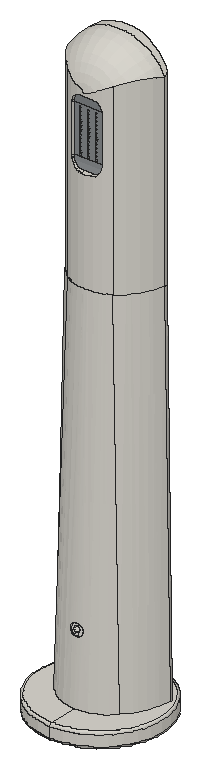
Revit family "Faucet-Deck_Mount-Bath_Spout-KALLISTA-002-P34129", category Plumbing Fixtures, host Face, Revit 2021
Family settings
  Host = Face
  Round Connector Dimension = Use Diameter
  Part Type = Normal
  OmniClass Number = 23.31.11.00
  OmniClass Title = Faucets
  Cut with Voids When Loaded = No
  Shared = No
  Room Calculation Point = No
Parameters (values of type "SN-Polished Nickel")
  Width = 2 73/256"  # constant formula
  WaterSense Certified = 1 = 0  # no
  Waste Water Outlet = "Waste Water Outlet"  # constant formula
  Waste Connection = 1 = 0  # no
  Vent Connection = 1 = 0  # no
  URL = "https://www.kallista.com/"
  Type = 5
  Tempered Water Inlet = "Tempered Water Inlet"  # constant formula
  Spout Reach = 9 33/128"  # constant formula
  Product Page URL = "https://www.kallista.com/products/luxury-bathroom/faucets/bath-fillers/002-wall-mount-bath-spout-p34129-00/sn-polished-nickel"
  Product Name = "002"  # constant formula
  Product Documentation Link = "https://resources.kohler.com/interiors/kallista/pdf/P34129-00_spec_US-CA_Kallista_en.pdf"
  Pressure = 60.00 psi  # constant formula
  Model = if(Type = 1, "P34129-00-BAF", if(Type = 2, "P34129-00-BL", if(Type = 3, "P34129-00-BN", if(Type = 4, "P34129-00-CP", if(Type = 5, "P34129-00-SN", if(Type = 6, "P34129-00-2MB", "NA"))))))  # "P34129-00-SN"
  Material = "Premium Metal Construction"  # constant formula
  Master Format 2014 Name = "Residential Faucets, Supplies, and Trim"  # constant formula
  Master Format 2014 = "22 41 39"  # constant formula
  Manufacturer Address = "444 Highland Dr, Kohler, WI 53044"  # constant formula
  Manufacturer = "Kohler Co."  # constant formula
  Length = Spout Reach  # 9 33/128"
  Hot Water Inlet = "Hot Water Inlet"  # constant formula
  Height = 2 73/256"  # constant formula
  HW Connection = 1 = 1  # yes
  Flow Rate = 7 GPM  # constant formula
  Finish = Kallista-Metal-SN-Polished_Nickel
  Environmental Product Declaration = ""
  Drain Included = 1 = 0  # no
  Description = "Capsule Wall Mount Bath Spout"  # constant formula
  Default Elevation = 36"
  Declare Label = ""
  Date Modified = "12/31/2024"  # constant formula
  Date Created = "11/30/2023"  # constant formula
  Copyright = "Copyright Kohler Co."  # constant formula
  Contact Us = "https://www.kallista.com/corporate/contact-us/"
  Cold Water Inlet = "Cold Water Inlet"  # constant formula
  CW Connection = 1 = 0  # no
  Assembly Code = "D2010"
  ADA Compliant = 1 = 0  # no
Types (7): name | Type | Product Page URL | Model | Finish
  (no name) | 5 | "https://www.kallista.com/products/luxury-bathroom/faucets/bath-fillers/002-wall-mount-bath-spout-p34129-00/sn-polished-nickel" | "P34129-00-SN" | Kallista-Metal-SN-Polished_Nickel
  BAF-Brushed French Gold | 1 | "https://www.kallista.com/products/luxury-bathroom/faucets/bath-fillers/002-wall-mount-bath-spout-p34129-00/baf-brushed-french-gold" | "P34129-00-BAF" | Kallista-Metal-BAF-Brushed_French_Gold
  BN-Brushed Nickel | 3 | "https://www.kallista.com/products/luxury-bathroom/faucets/bath-fillers/002-wall-mount-bath-spout-p34129-00" | "P34129-00-BN" | Kallista-Metal-BN-Brushed_Nickel
  CP-Chrome | 1 | "https://www.kallista.com/products/luxury-bathroom/faucets/bath-fillers/002-wall-mount-bath-spout-p34129-00/cp-chrome" | "P34129-00-BAF" | Kallista-Metal-CP-Chrome
  SN-Polished Nickel | 5 | "https://www.kallista.com/products/luxury-bathroom/faucets/bath-fillers/002-wall-mount-bath-spout-p34129-00/sn-polished-nickel" | "P34129-00-SN" | Kallista-Metal-SN-Polished_Nickel
  BL-Matte Black | 2 | "https://www.kallista.com/products/luxury-bathroom/faucets/bath-fillers/002-wall-mount-bath-spout-p34129-00/bl-matte-black" | "P34129-00-BL" | Kalista-Metal-BL-Matte_Black
  2MB-Brushed Brass | 6 | "" | "P34129-00-2MB" | Kallista-Metal-2MB-Brushed_Brass
Reference planes (in)
  plane 1 "Center (Front/Back)": y = 0
  plane 2: z = 0
  plane 3 "Center (Left/Right)": x = 0
  plane 4: y = 1.14173
  plane 5: y = -1.14342
  plane 6: x = -1.14173
  plane 7: x = 1.14342
  plane 8: z = 10.95276
  plane 9: z = 0.27559
  plane 10: z = 9.25781
Dimensions and locks (in)
  "Width": plane 6 to plane 7
  "Height": plane 4 to plane 5
  "Length": plane 10 to level
  aligned and locked: plane 2 to host face
  aligned and locked: level to host face
  aligned and locked: plane 6 to nested 1
  aligned and locked: plane 7 to nested 1
  aligned and locked: plane 4 to nested 1
  aligned and locked: plane 5 to nested 1
  aligned and locked: plane 8 to nested 1
  aligned and locked: plane 10 to nested 1
Automatic sketch dimensions
  host sketch curve to host sketch curve = 96"  (x2)
Nested families (in)
  nested 1: "P34129" at (0, 0, 0), type "P34129"
Connectors (in)
  piping at (0, 0, 0), diameter 0.5, driven by "Flow Rate", driven by "Pressure", driven by "HW Connection", driven by "Tempered Water Inlet"
    settings: on nested 1, index 1, connector inside diameter 24", connector length 0", flow factor 0, pipe flow 7 GPM, pressure drop 60.00 psi, fitting loss kfactor 0, connector angle 0.00°, fixture units 0, engagement length 0", angle of deflection 0.00°, flow configuration 1, flow direction 1, fitting loss method 4, system type 19, joint type 0, gender type 0, connector reference index -1, connector utility 1, adjustable connector no, is connector primary yes, connector description "Tempered Water Inlet"
Definition of nested family "P34129"
  Parameters
    Material = none
    Default Elevation = 0"
  Reference planes (in)
    plane 1 "Center (Front/Back)": y = 0
    plane 2: z = 0
    plane 3 "Center (Left/Right)": x = 0
    plane 4: x = -1.14173
    plane 5: x = 1.14173
    plane 6: y = 1.14173
    plane 7: y = -1.14343
    plane 8: z = 10.95276
    plane 9: z = 0.27559
    plane 10: z = 9.25591
    plane 11: y = -0.29528
    plane 12: x = -0.58602
    plane 13: x = 0.58602
  Forms (in)
    Blend 1, solid, material <- "Material", detail levels medium+fine
      base sketch origin (0, 0, 0) x (1, 0, 0) y (0, 1, 0)
        loop
          arc (-0.6112, -0.30473) -> (-0.00003, -0.58759) -> (0.61113, -0.30473) r 0.80169
          arc (0.61113, -0.30473) -> (0.82852, 0.04895) -> (0.92946, 0.45164) r 1.36418
          arc (0.92946, 0.45164) -> (0.92072, 0.48388) -> (0.89299, 0.50249) r 0.04772
          arc (0.89299, 0.50249) -> (-0.00145, 0.60643) -> (-0.89542, 0.49843) r 3.82569
          arc (-0.89542, 0.49843) -> (-0.91838, 0.48301) -> (-0.92584, 0.45638) r 0.03998
          arc (-0.92584, 0.45638) -> (-0.82835, 0.05109) -> (-0.6112, -0.30473) r 1.34205
      top sketch origin (0, 0, 0) x (1, 0, 0) y (0, 1, 0)
        loop
          arc (-0.40985, -0.22055) -> (0, -0.3478) -> (0.40985, -0.22055) r 0.72369
          arc (0.40985, -0.22055) -> (0.68618, 0.0677) -> (0.82509, 0.44207) r 0.98326
          arc (0.82509, 0.44207) -> (0.81176, 0.49905) -> (0.7628, 0.53109) r 0.07874
          arc (0.7628, 0.53109) -> (0.00233, 0.60644) -> (-0.75793, 0.52914) r 3.82569
          arc (-0.75793, 0.52914) -> (-0.80655, 0.49735) -> (-0.82014, 0.44087) r 0.07874
          arc (-0.82014, 0.44087) -> (-0.68436, 0.06713) -> (-0.40985, -0.22055) r 0.96846
      from 0 to 7.03287
    Sweep 2, solid, material <- "Material", detail levels medium+fine
      path origin (0, 0, 0) x (0, 1, 0) y (0, 0, 1)
        loop
          line (0.60644, 7.03287) -> (0.60644, 11.05351)
      profile origin (0, 0.60644, 9.04319) x (0, -1, 0) y (1, 0, 0)
        loop
          arc (0.16557, -0.82014) -> (0.53931, -0.68436) -> (0.827, -0.40985) r 0.96846
          arc (0.827, -0.40985) -> (0.95424, 0) -> (0.827, 0.40985) r 0.72369
          arc (0.827, 0.40985) -> (0.53874, 0.68618) -> (0.16437, 0.82509) r 0.98326
          arc (0.16437, 0.82509) -> (0.1074, 0.81176) -> (0.07535, 0.7628) r 0.07874
          arc (0.07535, 0.7628) -> (0, 0.00233) -> (0.0773, -0.75793) r 3.82569
          arc (0.0773, -0.75793) -> (0.10909, -0.80655) -> (0.16557, -0.82014) r 0.07874
    Sweep 3, void
      path origin (0, 0, -0.14764) x (1, 0, 0) y (0, 0, 1)
        loop
          line (-0.82751, 9.71931) -> (-0.82751, 10.17692)
          arc (-0.82751, 10.17692) -> (-0.00124, 11.0032) -> (0.82504, 10.17692) r 0.82628
          line (0.82504, 10.17692) -> (0.82504, 9.71931)
      profile origin (0.82504, 0, 9.80048) x (0, -1, 0) y (1, 0, 0)
        loop
          line (-0.66492, 0.54627) -> (-0.66492, 0.10335) -> (-0.43764, 0.10335)
          arc (-0.43764, 0.10335) -> (0.11914, -0.12727) -> (0.34976, -0.68405) r 0.7874
          line (0.34976, -0.68405) -> (0.34976, -0.71709) -> (0.65945, -0.71709) -> (0.65945, 0.54627) -> (-0.66492, 0.54627)
    Revolve 4, solid, material <- "Material", detail levels medium+fine
      sketch origin (0, 0, 0) x (0, 1, 0) y (0, 0, 1)
        loop
          line (0, 0) -> (1.10444, 0)
          arc (1.10444, 0) -> (1.13081, 0.01092) -> (1.14173, 0.03729) r 0.03729
          line (1.14173, 0.03729) -> (1.14173, 0.23463)
          arc (1.14173, 0.23463) -> (1.12974, 0.26359) -> (1.10077, 0.27559) r 0.04096
          line (1.10077, 0.27559) -> (0, 0.27559) -> (0, 0)
        axis (0, 0) -> (0, 0.27559)
      angle from 0 to 360
    Revolve 5, void
      sketch origin (0, 0, 0) x (0, 1, 0) y (0, 0, 1)
        loop
          line (-0.25396, 1.54626) -> (-0.25396, 1.66154) -> (-0.62222, 1.66154) -> (-0.62222, 1.54626) -> (-0.25396, 1.54626)
        axis (-0.25396, 1.54626) -> (-0.62222, 1.54626)
      angle from 0 to 360
    Revolve 6, solid, detail levels medium+fine
      sketch origin (0, 0, 0) x (0, 1, 0) y (0, 0, 1)
        loop
          line (-0.26709, 1.65545) -> (-0.52116, 1.65545) -> (-0.52116, 1.54849) -> (-0.26709, 1.54849) -> (-0.26709, 1.65545)
        axis (-0.26709, 1.54849) -> (-0.52116, 1.54849)
      angle from 0 to 360
    Extrusion 7, void
      sketch origin (0, -0.08176, -0.02695) x (1, 0, 0) y (0, 0.052336, 0.99863)
        loop
          line (-0.03439, 1.60625) -> (-0.06825, 1.5476) -> (-0.03439, 1.48896) -> (0.03332, 1.48896) -> (0.06718, 1.5476) -> (0.03332, 1.60625) -> (-0.03439, 1.60625)
      from 0.30046 to 0.6929
    Extrusion 8, void
      sketch origin (0, 0, 2.34945) x (1, 0, 0) y (0, 0, 1)
        loop
          line (-0.28038, 7.62721) -> (-0.28038, 6.75476)
          arc (-0.28038, 6.75476) -> (-0.22281, 6.6158) -> (-0.08385, 6.55823) r 0.19653
          line (-0.08385, 6.55823) -> (0.08127, 6.55823)
          arc (0.08127, 6.55823) -> (0.21911, 6.61533) -> (0.27621, 6.75317) r 0.19494
          line (0.27621, 6.75317) -> (0.27621, 7.63256)
          arc (0.27621, 7.63256) -> (0.21957, 7.76931) -> (0.08283, 7.82595) r 0.19338
          line (0.08283, 7.82595) -> (-0.08163, 7.82595)
          arc (-0.08163, 7.82595) -> (-0.22217, 7.76774) -> (-0.28038, 7.62721) r 0.19874
      from 0 to 0.70867
    Extrusion 9, solid, detail levels medium+fine
      sketch origin (0, 0, 2.35472) x (1, 0, 0) y (0, 0, 1)
        loop
          arc (-0.11579, 7.78984) -> (-0.22335, 7.74528) -> (-0.2679, 7.63772) r 0.15211
          line (-0.2679, 7.63772) -> (-0.2679, 6.73599)
          arc (-0.2679, 6.73599) -> (-0.22295, 6.62746) -> (-0.11442, 6.5825) r 0.15348
          line (-0.11442, 6.5825) -> (0.11442, 6.5825)
          arc (0.11442, 6.5825) -> (0.22295, 6.62746) -> (0.2679, 6.73599) r 0.15348
          line (0.2679, 6.73599) -> (0.2679, 7.63772)
          arc (0.2679, 7.63772) -> (0.22335, 7.74528) -> (0.11579, 7.78984) r 0.15211
          line (0.11579, 7.78984) -> (-0.11579, 7.78984)
      from 0 to 0.52116
    Extrusion 10, void
      sketch origin (0, 0, 2.35472) x (0, 1, 0) y (0, 0, 1)
        loop
          line (-0.25014, 6.75744) -> (-0.25014, 7.6149)
          arc (-0.25014, 7.6149) -> (-0.34945, 7.90421) -> (-0.60549, 8.07155) r 0.47109
          line (-0.60549, 8.07155) -> (-0.60549, 6.30079)
          arc (-0.60549, 6.30079) -> (-0.34945, 6.46813) -> (-0.25014, 6.75744) r 0.47109
      from -1.04991 to 1.33856
    Extrusion 11, void
      sketch origin (0.0123, 5.27483, 14.87442) x (1, 0, 0) y (0, 0, 1)
        loop
          line (-0.18118, -4.95414) -> (-0.18118, -5.00169) -> (-0.14232, -5.00169) -> (-0.14232, -4.95414) -> (-0.18118, -4.95414)
        loop
          line (-0.18118, -5.01713) -> (-0.18118, -5.06468) -> (-0.14232, -5.06468) -> (-0.14232, -5.01713) -> (-0.18118, -5.01713)
        loop
          line (-0.18118, -5.08051) -> (-0.18118, -5.12807) -> (-0.14232, -5.12807) -> (-0.14232, -5.08051) -> (-0.18118, -5.08051)
        loop
          line (-0.18118, -5.1439) -> (-0.18118, -5.19146) -> (-0.14232, -5.19146) -> (-0.14232, -5.1439) -> (-0.18118, -5.1439)
        loop
          line (-0.18118, -5.20729) -> (-0.18118, -5.25484) -> (-0.14232, -5.25484) -> (-0.14232, -5.20729) -> (-0.18118, -5.20729)
        loop
          line (-0.18118, -5.27067) -> (-0.18118, -5.31823) -> (-0.14232, -5.31823) -> (-0.14232, -5.27067) -> (-0.18118, -5.27067)
        loop
          line (-0.18118, -5.33406) -> (-0.18118, -5.38161) -> (-0.14232, -5.38161) -> (-0.14232, -5.33406) -> (-0.18118, -5.33406)
        loop
          line (-0.18118, -5.39744) -> (-0.18118, -5.445) -> (-0.14232, -5.445) -> (-0.14232, -5.39744) -> (-0.18118, -5.39744)
        loop
          line (-0.18118, -5.46083) -> (-0.18118, -5.50839) -> (-0.14232, -5.50839) -> (-0.14232, -5.46083) -> (-0.18118, -5.46083)
        loop
          line (-0.18118, -5.52421) -> (-0.18118, -5.57177) -> (-0.14232, -5.57177) -> (-0.14232, -5.52421) -> (-0.18118, -5.52421)
        loop
          line (-0.18118, -5.5876) -> (-0.18118, -5.63516) -> (-0.14232, -5.63516) -> (-0.14232, -5.5876) -> (-0.18118, -5.5876)
        loop
          line (-0.18118, -5.65099) -> (-0.18118, -5.69854) -> (-0.14232, -5.69854) -> (-0.14232, -5.65099) -> (-0.18118, -5.65099)
        loop
          line (-0.18118, -5.71437) -> (-0.18118, -5.76193) -> (-0.14232, -5.76193) -> (-0.14232, -5.71437) -> (-0.18118, -5.71437)
        loop
          line (0.00443, -4.95414) -> (-0.03443, -4.95414) -> (-0.03443, -5.00169) -> (0.00443, -5.00169) -> (0.00443, -4.95414)
        loop
          line (0.00443, -5.01713) -> (-0.03443, -5.01713) -> (-0.03443, -5.06468) -> (0.00443, -5.06468) -> (0.00443, -5.01713)
        loop
          line (0.00443, -5.08051) -> (-0.03443, -5.08051) -> (-0.03443, -5.12807) -> (0.00443, -5.12807) -> (0.00443, -5.08051)
        loop
          line (0.00443, -5.1439) -> (-0.03443, -5.1439) -> (-0.03443, -5.19146) -> (0.00443, -5.19146) -> (0.00443, -5.1439)
        loop
          line (0.00443, -5.20729) -> (-0.03443, -5.20729) -> (-0.03443, -5.25484) -> (0.00443, -5.25484) -> (0.00443, -5.20729)
        loop
          line (0.00443, -5.27067) -> (-0.03443, -5.27067) -> (-0.03443, -5.31823) -> (0.00443, -5.31823) -> (0.00443, -5.27067)
        loop
          line (0.00443, -5.33406) -> (-0.03443, -5.33406) -> (-0.03443, -5.38161) -> (0.00443, -5.38161) -> (0.00443, -5.33406)
        loop
          line (0.00443, -5.39744) -> (-0.03443, -5.39744) -> (-0.03443, -5.445) -> (0.00443, -5.445) -> (0.00443, -5.39744)
        loop
          line (0.00443, -5.46083) -> (-0.03443, -5.46083) -> (-0.03443, -5.50839) -> (0.00443, -5.50839) -> (0.00443, -5.46083)
        loop
          line (0.00443, -5.52421) -> (-0.03443, -5.52421) -> (-0.03443, -5.57177) -> (0.00443, -5.57177) -> (0.00443, -5.52421)
        loop
          line (0.00443, -5.5876) -> (-0.03443, -5.5876) -> (-0.03443, -5.63516) -> (0.00443, -5.63516) -> (0.00443, -5.5876)
        loop
          line (0.00443, -5.65099) -> (-0.03443, -5.65099) -> (-0.03443, -5.69854) -> (0.00443, -5.69854) -> (0.00443, -5.65099)
        loop
          line (0.00443, -5.71437) -> (-0.03443, -5.71437) -> (-0.03443, -5.76193) -> (0.00443, -5.76193) -> (0.00443, -5.71437)
        loop
          line (0.10062, -4.95414) -> (0.10062, -5.00169) -> (0.13947, -5.00169) -> (0.13947, -4.95414) -> (0.10062, -4.95414)
        loop
          line (0.10062, -5.01713) -> (0.10062, -5.06468) -> (0.13947, -5.06468) -> (0.13947, -5.01713) -> (0.10062, -5.01713)
        loop
          line (0.10062, -5.08051) -> (0.10062, -5.12807) -> (0.13947, -5.12807) -> (0.13947, -5.08051) -> (0.10062, -5.08051)
        loop
          line (0.10062, -5.1439) -> (0.10062, -5.19146) -> (0.13947, -5.19146) -> (0.13947, -5.1439) -> (0.10062, -5.1439)
        loop
          line (0.10062, -5.20729) -> (0.10062, -5.25484) -> (0.13947, -5.25484) -> (0.13947, -5.20729) -> (0.10062, -5.20729)
        loop
          line (0.10062, -5.27067) -> (0.10062, -5.31823) -> (0.13947, -5.31823) -> (0.13947, -5.27067) -> (0.10062, -5.27067)
        loop
          line (0.10062, -5.33406) -> (0.10062, -5.38161) -> (0.13947, -5.38161) -> (0.13947, -5.33406) -> (0.10062, -5.33406)
        loop
          line (0.10062, -5.39744) -> (0.10062, -5.445) -> (0.13947, -5.445) -> (0.13947, -5.39744) -> (0.10062, -5.39744)
        loop
          line (0.10062, -5.46083) -> (0.10062, -5.50839) -> (0.13947, -5.50839) -> (0.13947, -5.46083) -> (0.10062, -5.46083)
        loop
          line (0.10062, -5.52421) -> (0.10062, -5.57177) -> (0.13947, -5.57177) -> (0.13947, -5.52421) -> (0.10062, -5.52421)
        loop
          line (0.10062, -5.5876) -> (0.10062, -5.63516) -> (0.13947, -5.63516) -> (0.13947, -5.5876) -> (0.10062, -5.5876)
        loop
          line (0.10062, -5.65099) -> (0.10062, -5.69854) -> (0.13947, -5.69854) -> (0.13947, -5.65099) -> (0.10062, -5.65099)
        loop
          line (0.10062, -5.71437) -> (0.10062, -5.76193) -> (0.13947, -5.76193) -> (0.13947, -5.71437) -> (0.10062, -5.71437)
      from 5.16363 to 7.18576
    Extrusion 12, solid, material <- "Material", detail levels coarse
      sketch origin (0, 0.04968, 0) x (1, 0, 0) y (0, 0, 1)
        loop
          line (0.82802, 0.27559) -> (0.82802, 10.21558)
          arc (0.82802, 10.21558) -> (0.01229, 11.03131) -> (-0.80344, 10.21558) r 0.81573
          line (-0.80344, 10.21558) -> (-0.80344, 0.27559) -> (0.82802, 0.27559)
      from -0.57981 to 0.63603
    Revolve 13, solid, material <- "Material", detail levels coarse
      sketch origin (0, 0, 0) x (0, 1, 0) y (0, 0, 1)
        loop
          line (0, 0) -> (1.14173, 0) -> (1.14173, 0.27559) -> (0, 0.27559) -> (0, 0)
        axis (0, 0) -> (0, 0.27559)
      angle from 0 to 360
    Extrusion 14, solid, material <- "Material", detail levels medium+fine
      sketch origin (0, 0, 0) x (1, 0, 0) y (0, 1, 0)
        loop
          circle (0, 0) r 0.11811
      from 0 to 0.08846
  Cuts and joins
    Revolve 5, Extrusion 7, Extrusion 8 cuts Blend 1
    joined: Blend 1, Revolve 4
    Extrusion 7 cuts Revolve 6
    Extrusion 10, Extrusion 11 cuts Extrusion 9
    joined: Extrusion 12, Revolve 13
    Sweep 3, Extrusion 8 cuts Sweep 2
  Lines and regions (in)
    Masking region 1
      outline origin (0, 0, 0) x (0, 1, 0) y (0, 0, 1)
        loop
          line (1.14173, 0.03913) -> (1.14173, 0.23686)
          arc (1.14173, 0.23686) -> (1.13039, 0.26425) -> (1.103, 0.27559) r 0.03873
          line (1.103, 0.27559) -> (0.55338, 0.27559)
          arc (0.55338, 0.27559) -> (0.58784, 0.28756) -> (0.60245, 0.32098) r 0.04553
          line (0.60245, 0.32098) -> (0.60245, 10.23268)
          arc (0.60245, 10.23268) -> (0.58548, 10.57736) -> (0.53474, 10.91871) r 3.50904
          arc (0.53474, 10.91871) -> (0.52007, 10.94316) -> (0.49323, 10.95276) r 0.04232
          line (0.49323, 10.95276) -> (0.46174, 10.95276) -> (0.36067, 10.95276)
          arc (0.36067, 10.95276) -> (-0.14605, 10.70206) -> (-0.35072, 10.17507) r 0.78078
          line (-0.35072, 10.17507) -> (-0.35072, 10.13945)
          arc (-0.35072, 10.13945) -> (-0.33657, 10.10214) -> (-0.31831, 10.06666) r 0.35462
          line (-0.31831, 10.06666) -> (-0.31831, 9.98523)
          arc (-0.31831, 9.98523) -> (-0.30107, 9.91555) -> (-0.29528, 9.84401) r 0.44433
          line (-0.29528, 9.84401) -> (-0.29528, 9.0854)
          arc (-0.29528, 9.0854) -> (-0.30107, 9.01386) -> (-0.31831, 8.94418) r 0.44433
          line (-0.31831, 8.94418) -> (-0.31831, 8.86275)
          arc (-0.31831, 8.86275) -> (-0.33657, 8.82727) -> (-0.35072, 8.78996) r 0.35462
          line (-0.35072, 8.78996) -> (-0.35072, 6.40173)
          arc (-0.35072, 6.40173) -> (-0.35204, 5.98956) -> (-0.35598, 5.57742) r 64.63598
          arc (-0.35598, 5.57742) -> (-0.35932, 5.34193) -> (-0.36334, 5.10646) r 82.20036
          arc (-0.36334, 5.10646) -> (-0.36753, 4.94167) -> (-0.374, 4.77696) r 11.87676
          arc (-0.374, 4.77696) -> (-0.38941, 4.42335) -> (-0.4029, 4.06965) r 65.43397
          arc (-0.4029, 4.06965) -> (-0.42004, 3.67424) -> (-0.44342, 3.27915) r 25.0582
          arc (-0.44342, 3.27915) -> (-0.45424, 3.09479) -> (-0.46194, 2.91027) r 10.95361
          arc (-0.46194, 2.91027) -> (-0.4676, 2.77571) -> (-0.47563, 2.64128) r 7.66624
          arc (-0.47563, 2.64128) -> (-0.49076, 2.39933) -> (-0.50301, 2.15722) r 20.31281
          arc (-0.50301, 2.15722) -> (-0.51546, 1.91687) -> (-0.53138, 1.67672) r 16.67974
          arc (-0.53138, 1.67672) -> (-0.52267, 1.54568) -> (-0.5462, 1.41647) r 0.53419
          line (-0.5462, 1.41647) -> (-0.60123, 0.31496)
          arc (-0.60123, 0.31496) -> (-0.59784, 0.29368) -> (-0.58614, 0.27559) r 0.05216
          line (-0.58614, 0.27559) -> (-1.10469, 0.27559)
          arc (-1.10469, 0.27559) -> (-1.13208, 0.26425) -> (-1.14343, 0.23686) r 0.03873
          line (-1.14343, 0.23686) -> (-1.14343, 0.03913)
          arc (-1.14343, 0.03913) -> (-1.13197, 0.01146) -> (-1.1043, 0) r 0.03913
          line (-1.1043, 0) -> (1.10261, 0)
          arc (1.10261, 0) -> (1.13027, 0.01146) -> (1.14173, 0.03913) r 0.03913
    Masking region 2
      outline origin (0, 0, 0) x (1, 0, 0) y (0, 0, 1)
        loop
          line (1.14173, 0) -> (1.14173, 0.25591)
          arc (1.14173, 0.25591) -> (1.13597, 0.26982) -> (1.12205, 0.27559) r 0.01969
          line (1.12205, 0.27559) -> (0.89846, 0.27559)
          arc (0.89846, 0.27559) -> (0.92052, 0.29165) -> (0.92873, 0.31766) r 0.04363
          line (0.92873, 0.31766) -> (0.82527, 8.61199) -> (0.82527, 10.12712)
          arc (0.82527, 10.12712) -> (0.5891, 10.70529) -> (0.01567, 10.95276) r 0.82579
          line (0.01567, 10.95276) -> (-0.01582, 10.95276)
          arc (-0.01582, 10.95276) -> (-0.58915, 10.70524) -> (-0.82527, 10.12712) r 0.82579
          line (-0.82527, 10.12712) -> (-0.82527, 8.61199) -> (-0.92873, 0.31766)
          arc (-0.92873, 0.31766) -> (-0.92052, 0.29165) -> (-0.89846, 0.27559) r 0.04363
          line (-0.89846, 0.27559) -> (-1.12205, 0.27559)
          arc (-1.12205, 0.27559) -> (-1.13597, 0.26982) -> (-1.14173, 0.25591) r 0.01969
          line (-1.14173, 0.25591) -> (-1.14173, 0) -> (1.14173, 0)
    Masking region 3
      outline origin (0, 0, 0) x (1, 0, 0) y (0, 1, 0)
        loop
          arc (-0.43305, 1.05642) -> (-0.82584, 0.78838) -> (-1.07537, 0.38357) r 1.14173
          arc (-1.07537, 0.38357) -> (-1.12497, 0.22497) -> (-1.14173, 0.05965) r 0.82377
          line (-1.14173, 0.05965) -> (-1.14173, 0.02815)
          arc (-1.14173, 0.02815) -> (-1.11088, -0.24936) -> (-1.01983, -0.51331) r 1.26353
          arc (-1.01983, -0.51331) -> (-0.71833, -0.88744) -> (-0.28961, -1.10439) r 1.14173
          arc (-0.28961, -1.10439) -> (-0.15419, -1.13235) -> (-0.01623, -1.14173) r 1.01935
          line (-0.01623, -1.14173) -> (0.01526, -1.14173)
          arc (0.01526, -1.14173) -> (0.22001, -1.12182) -> (0.41709, -1.06282) r 1.06254
          arc (0.41709, -1.06282) -> (0.86852, -0.7411) -> (1.11521, -0.24467) r 1.14173
          arc (1.11521, -0.24467) -> (1.13705, -0.10494) -> (1.14173, 0.0364) r 1.16104
          line (1.14173, 0.0364) -> (1.14173, 0.0679)
          arc (1.14173, 0.0679) -> (1.13614, 0.14688) -> (1.11948, 0.22429) r 0.5608
          arc (1.11948, 0.22429) -> (0.88747, 0.71829) -> (0.45266, 1.04816) r 1.14173
          arc (0.45266, 1.04816) -> (0.24156, 1.11807) -> (0.02044, 1.14173) r 1.04509
          line (0.02044, 1.14173) -> (-0.01106, 1.14173)
          arc (-0.01106, 1.14173) -> (-0.22632, 1.12019) -> (-0.43305, 1.05642) r 1.08631
    symbolic lines, detail levels medium+fine
      curve 1: line (0, 1.14173, 0.23686) -> (0, -1.14343, 0.23686)
      curve 2: line (0, -1.14343, 0.03913) -> (0, 1.14173, 0.03913)
      curve 3: line (0, -0.2842, 9.90479) -> (0, -0.2842, 9.0248)
      curve 4: arc (0, -0.31831, 10.06666) -> (0, -0.29282, 9.9875) -> (0, -0.2842, 9.90479) r 0.40108
      curve 5: arc (0, -0.2842, 9.0248) -> (0, -0.29282, 8.942) -> (0, -0.31831, 8.86275) r 0.40195
      curve 6: line (0, 0.55338, 0.27559) -> (0, -0.58614, 0.27559)
      curve 7: line (0, -0.60123, 0.31496) -> (0, 0.60205, 0.31496)
      curve 8: line (0, 0.49323, 10.95276) -> (0, 0.49323, 0.31496)
      curve 9: line (0, 0.53474, 10.91871) -> (0, 0.53474, 0.31496)
      curve 10: line (0.89846, 0, 0.27559) -> (-0.89893, 0, 0.27559)
      curve 11: line (-0.92873, 0, 0.31766) -> (0.89846, 0, 0.31766)
      curve 12: line (1.14173, 0, 0.25591) -> (-1.14173, 0, 0.25591)
      curve 13: line (0.89846, 0, 0.27559) -> (0.78878, 0, 10.14297)
      curve 14: line (-0.89893, 0, 0.27559) -> (-0.78878, 0, 10.14301)
      curve 15: arc (0.78878, 0, 10.14297) -> (0.00002, 0, 10.92304) -> (-0.78878, 0, 10.14301) r 0.78883
      curve 16: line (0.82527, 0, 10.12712) -> (-0.82527, 0, 10.12712)
      curve 17: arc (-0.79269, 0.52167, 0) -> (-0.00529, 0.60775, 0) -> (0.78211, 0.52167, 0) r 3.64442
      curve 18: arc (-0.92914, 0.4505, 0) -> (-0.89988, 0.21782, 0) -> (-0.81301, -0.00002, 0) r 0.92445
      curve 19: arc (0.80391, 0.00047, 0) -> (0.89129, 0.22086, 0) -> (0.91974, 0.45624, 0) r 0.92445
      curve 20: arc (-0.81301, -0.00002, 0) -> (-0.58548, -0.29966, 0) -> (-0.28275, -0.52306, 0) r 1.32181
      curve 21: arc (0.28095, -0.52046, 0) -> (0.57931, -0.29702, 0) -> (0.80391, 0.00047, 0) r 1.32947
      curve 22: arc (-0.28275, -0.52306, 0) -> (-0.00057, -0.59336, 0) -> (0.28095, -0.52046, 0) r 0.59055
      curve 23: line (-0.79269, 0.52167, 0) -> (-0.88903, 0.50036, 0)
      curve 24: arc (-0.88903, 0.50036, 0) -> (-0.91784, 0.48247, 0) -> (-0.92914, 0.4505, 0) r 0.05117
      curve 25: line (0.78211, 0.52167, 0) -> (0.88522, 0.49886, 0)
      curve 26: arc (0.88522, 0.49886, 0) -> (0.91104, 0.48214, 0) -> (0.91962, 0.45261, 0) r 0.04403
      curve 27: line (-0.92914, 0.4505, 0) -> (-0.81659, 0.47541, 0)
      curve 28: line (-0.81659, 0.47541, 0) -> (0, 0.47541, 0)
      curve 29: line (0.91962, 0.45261, 0) -> (0.81659, 0.47541, 0)
      curve 30: line (0.81659, 0.47541, 0) -> (0, 0.47541, 0)
      curve 31: line (-0.79269, 0.52167, 0) -> (0.78211, 0.52167, 0)
      curve 32: arc (-0.79269, 0.52167, 0) -> (-0.81103, 0.50184, 0) -> (-0.81659, 0.47541, 0) r 0.0507
      curve 33: arc (0.78211, 0.52167, 0) -> (0.80464, 0.50249, 0) -> (0.81659, 0.47541, 0) r 0.06633
      curve 34: arc (-0.81659, 0.47541, 0) -> (0, -0.34118, 0) -> (0.81659, 0.47541, 0) r 0.81659
  Dimensions and locks (in)
    plane 7 to plane 6 = 2 73/256"
    plane 4 to plane 5 = 2.28346"
    plane 8 to level = 10.95276"
    plane 9 to level = 0.27559"  (x2)
    plane 10 to level = 9.25591"
    plane 1 "Center (Front/Back)" to plane 11 = 0.29528"
    plane 9 to plane 8 = 10.67717"
    plane 6 to plane 7 = 2 73/256"
    aligned and locked: plane 2 to level
    aligned and locked: plane 11 to Masking region 1 sketch curve
    aligned and locked: plane 8 to Masking region 1 sketch curve
    aligned and locked: Masking region 2 sketch curve to plane 5
    aligned and locked: plane 9 to Masking region 2 sketch curve  (x2)
    aligned and locked: plane 7 to Masking region 1 sketch curve
